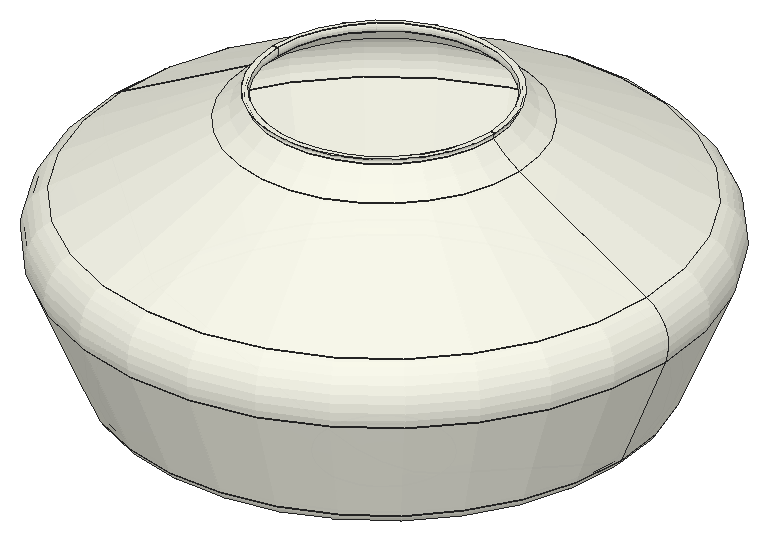
Revit family "SHO14", category Generic Models, Revit 2024
Family settings
  Can host rebar = No
  Round Connector Dimension = Use Diameter
  Part Type = Normal
  Work Plane-Based = No
  Always vertical = Yes
  Cut with Voids When Loaded = No
  Maintain Annotation Orientation = No
  Shared = No
  Room Calculation Point = No
Parameters
  Default Elevation = 0' - 0"
Reference planes (in)
  plane 1 "Center (Front/Back)": y = 0
  plane 2: z = 0
  plane 3 "Center (Left/Right)": x = 0
Forms (in)
  Revolve 1, solid, material "OPAL"
    sketch origin (0, 0, 0) x (1, 0, 0) y (0, 0, 1)
      loop
        line (2.75308, 38.0799) -> (2.62173, 38.0799)
        arc (2.62173, 38.0799) -> (2.601, 37.98794) -> (2.62817, 37.89768) r 0.18537
        arc (2.62817, 37.89768) -> (2.93338, 37.59931) -> (3.2834, 37.35506) r 2.59258
        line (3.2834, 37.35506) -> (6.43924, 35.68236)
        arc (6.43924, 35.68236) -> (6.8692, 35.18388) -> (6.84835, 34.52592) r 0.90625
        line (6.84835, 34.52592) -> (5.76325, 31.98324)
        arc (5.76325, 31.98324) -> (5.675, 31.85358) -> (5.5442, 31.76701) r 0.40625
        arc (5.5442, 31.76701) -> (3.44401, 31.00965) -> (1.40433, 30.10187) r 30.74118
        arc (1.40433, 30.10187) -> (0.71417, 29.90681) -> (0, 29.84105) r 3.91118
        line (0, 29.84105) -> (0, 29.7473)
        arc (0, 29.7473) -> (0.73333, 29.81501) -> (1.44186, 30.01586) r 4.00493
        arc (1.44186, 30.01586) -> (3.47876, 30.92258) -> (5.57619, 31.67882) r 30.64743
        arc (5.57619, 31.67882) -> (5.73944, 31.78546) -> (5.84948, 31.94644) r 0.5
        line (5.84948, 31.94644) -> (6.93458, 34.48913)
        arc (6.93458, 34.48913) -> (6.95758, 35.21515) -> (6.48315, 35.76519) r 1
        line (6.48315, 35.76519) -> (3.32896, 37.43702)
        arc (3.32896, 37.43702) -> (2.99595, 37.66922) -> (2.70494, 37.95228) r 2.49883
        arc (2.70494, 37.95228) -> (2.70053, 38.02683) -> (2.75308, 38.0799) r 0.09162
      axis (0, 38.0799) -> (0, 29.7473)
    angle from 0 to 360
Dimensions and locks (in)
  aligned and locked: plane 2 to level
